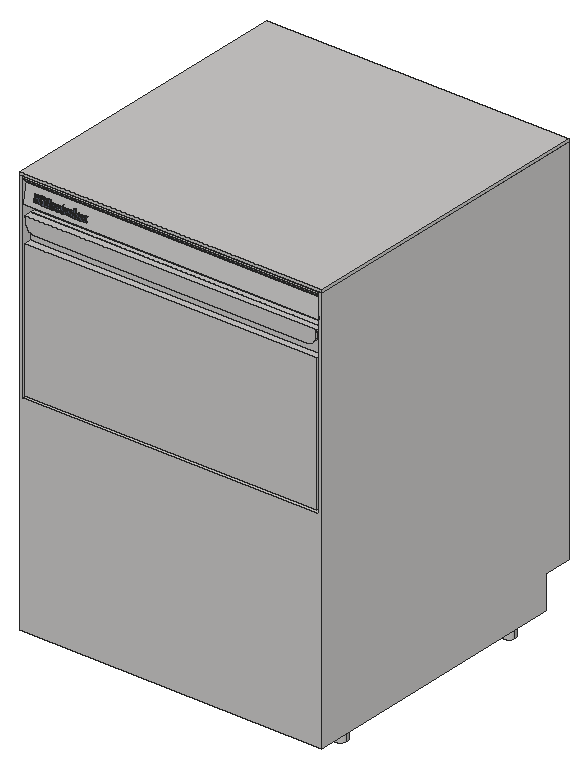
Revit family "QF_ELECTROLUXPROFESSIONAL_520004_EUC40G36", category Specialty Equipment, Revit 2018
Family settings
  Round Connector Dimension = Use Diameter
  Part Type = Normal
  Work Plane-Based = No
  Always vertical = Yes
  Cut with Voids When Loaded = No
  Shared = No
  Room Calculation Point = No
Parameters
  Weight = 0.00 kg
  Watts = 0 W
  Volts = 400 V
  URL Manufacturer = "http://professional.electrolux.com/"
  URL = "http://professional.electrolux.com/"
  Steam Supply Size = 0 mm
  Steam Supply Minimum Pressure = 0.0 Pa
  Steam Supply Maximum Pressure = 0.0 Pa
  Steam Pounds per Hour = 0
  Show Logo [instance] = yes
  Show Clearance [instance] = yes
  Refrigeration Suction Line Size = 0 mm
  Refrigeration Liquid Line Size = 0 mm
  Refrigerant Compressor Remote = yes
  Manufacturer = "Electrolux"
  Phase = 0
  Model = "EUC40G36"
  Length Actual = 600 mm  # constant formula
  Item Number = "520004"
  Hot Water Size = 0 mm
  Height Actual = 820 mm  # constant formula
  HP = "6.8 HP"
  Gas Size = 0 mm
  Gas KW = 0
  Gas Input Pressure = 0 W
  Direct Waste Size = 22 mm
  Description = "UC DW+DOUBLE S+DRAIN P+DET DISP,3C,40R/H,400V,60HZ"
  Depth Actual = 612 mm  # constant formula
  Cycle = 60 Hz
  Condensate Return Size = 0 mm
  Compressed Air Volume = 0.0 L/s
  Compressed Air Size = 0 mm
  Compressed Air Pressure = 0.0 Pa
  Cold Water Size = 0 mm
  Accessory = yes
Reference planes
  plane 1 "Center (Front/Back)": y = 0
  plane 2: z = 0
  plane 3 "Center (Left/Right)": x = 0
  plane 4 "LEFT": x = -299
  plane 5 "RIGHT": x = 299
  plane 6 "FRONT": y = -306
  plane 7 "BACK": y = 306
  plane 8: x = -281
  plane 9: x = 281
  plane 10: z = 830
  plane 11: z = 20
  plane 12: y = -281
Forms (mm)
  Extrusion 1, solid, material "QF_Finishes_Stainless Steel"
    sketch origin (0, 0, 0) x (1, 0, 0) y (0, 1, 0)
      loop
        line (-299, -306) -> (299, -306) -> (299, 249) -> (-299, 249) -> (-299, -306)
    from 20 to 830
  Extrusion 2, solid, material "QF_Finishes_Stainless Steel"
    sketch origin (0, 0, 0) x (1, 0, 0) y (0, 1, 0)
      loop
        line (-299, 249) -> (299, 249) -> (299, 306) -> (-299, 306) -> (-299, 249)
    from 86 to 830
  Extrusion 3, solid, material "QF_Finishes_Stainless Steel"
    sketch origin (0, 0, 0) x (1, 0, 0) y (0, 1, 0)
      loop
        circle (-281, 181) r 12.5
      loop
        circle (281, 181) r 12.5
      loop
        circle (-281, -236) r 12.5
      loop
        circle (281, -236) r 12.5
    from 0 to 20
  Extrusion 4, void
    sketch origin (-299, -306, 0) x (-1, 0, 0) y (0, 0, 1)
      loop
        line (-5, 830) -> (-593, 830) -> (-593, 434.506) -> (-5, 434.506) -> (-5, 830)
    from 0 to 30
  Extrusion 5, solid, material "QF_Finishes_Stainless Steel"
    sketch origin (-288, -392, 738) x (0, 0, -1) y (1, 0, 0)
      loop
        circle (688, 94) r 10
    from -641 to -698
  Extrusion 6, solid, material "QF_Door-Drawer Clearances", visible <- "Show Clearance", detail levels coarse
    sketch origin (-230, -282.5, 0) x (0, 1, 0) y (0, 0, -1)
      loop
        line (-23.5, -440) -> (-343.5, -440)
        arc (-343.5, -440) -> (-249.774, -666.274) -> (-23.5, -760) r 320
        line (-23.5, -760) -> (-23.5, -440)
    from 60 to -520
  Extrusion 7, solid, material "QF_Finishes_Stainless Steel"
    sketch origin (-242.481, -392, 738) x (0, 0, -1) y (1, 0, 0)
      loop
        circle (688, 236.481) r 8
    from -641 to -698
  Extrusion 8, solid, material "QF_Finishes_Stainless Steel"
    sketch origin (-230, -282.5, 0) x (0, 1, 0) y (0, 0, -1)
      loop
        line (-23.5, -440) -> (-23.5, -710) -> (-8.5, -710) -> (-8.5, -760) -> (1.5, -760) -> (1.5, -440) -> (-23.5, -440)
    from 60 to -520
  Extrusion 9, solid, material "QF_Finishes_Stainless Steel"
    sketch origin (-230, -282.5, -55) x (0, 1, 0) y (0, 0, -1)
      loop
        line (-8.5, -815) -> (-8.5, -812.514) -> (-21, -812.514) -> (-21, -786.25) -> (-23.5, -786.25) -> (-23.5, -815) -> (-8.5, -815)
    from 60 to -520
  Extrusion 10, void
    sketch origin (-230, -306, 760) x (0, 0, 1) y (1, 0, 0)
      loop
        line (-2.486, -60) -> (-2.486, -58.393) -> (-15.552, -58.393)
        arc (-15.552, -58.393) -> (-25.109, -51.319) -> (-28.75, -40) r 19.416
        line (-28.75, -40) -> (-28.75, -60) -> (-2.486, -60)
      loop
        line (-2.486, 520) -> (-28.75, 520) -> (-28.75, 500)
        arc (-28.75, 500) -> (-25.109, 511.319) -> (-15.552, 518.393) r 19.416
        line (-15.552, 518.393) -> (-2.486, 518.393) -> (-2.486, 520)
    from 0 to 2.5
  Extrusion 11, solid, material "QF_Finishes_Stainless Steel"
    sketch origin (0, 0, 0) x (1, 0, 0) y (0, 1, 0)
      loop
        line (-299, -306) -> (299, -306) -> (299, 306) -> (-299, 306) -> (-299, -306)
    from 835 to 830
  Extrusion 12, solid, material "QF_Finishes_Stainless Steel"
    sketch origin (-230, -282.5, 15) x (0, 1, 0) y (0, 0, -1)
      loop
        line (-15.517, -815) -> (6.5, -815) -> (6.5, -765.202) -> (-23.502, -765.202) -> (-16.651, -801.185)
        arc (-16.651, -801.185) -> (-16.709, -802.254) -> (-17.26, -803.171) r 2.216
        line (-17.26, -803.171) -> (-21.457, -807.367)
        arc (-21.457, -807.367) -> (-22.158, -809.293) -> (-21.133, -811.068) r 2.424
        line (-21.133, -811.068) -> (-15.517, -815)
    from -524 to 64
  Extrusion 13, solid, material "QF_Finishes_Stainless Steel"
    sketch origin (-372.481, -392, 738) x (0, 0, -1) y (1, 0, 0)
      loop
        circle (668, 282.481) r 8
    from -641 to -698
Cuts and joins
  Extrusion 4 cuts Extrusion 1
  joined: Extrusion 1, Extrusion 2
  Extrusion 10 cuts Extrusion 6
  Extrusion 10 cuts Extrusion 8
  Extrusion 10 cuts Extrusion 9
Lines and regions (mm)
  Split face 1
    outline origin (-230, -299.151, 816.185) x (0, -0.187035, -0.982353) y (1, 0, 0)
      loop
        line (12.473, -49) -> (24.129, -49)
        arc (24.129, -49) -> (31.2, -46.071) -> (34.129, -39) r 10
        line (34.129, -39) -> (34.129, 499)
        arc (34.129, 499) -> (31.2, 506.071) -> (24.129, 509) r 10
        line (24.129, 509) -> (12.473, 509)
        arc (12.473, 509) -> (5.402, 506.071) -> (2.473, 499) r 10
        line (2.473, 499) -> (2.473, -39)
        arc (2.473, -39) -> (5.402, -46.071) -> (12.473, -49) r 10
  Split face 2
    outline origin (-230, -299.151, 816.185) x (0, -0.187035, -0.982353) y (1, 0, 0)
      loop
        line (9.973, 81.452) -> (29.129, 81.452) -> (29.129, 104.231) -> (9.973, 104.231) -> (9.973, 81.452)
  Split face 3
    outline origin (-200, -299.151, 816.185) x (0, -0.187035, -0.982353) y (1, 0, 0)
      loop
        line (9.973, 81.452) -> (29.129, 81.452) -> (29.129, 104.231) -> (9.973, 104.231) -> (9.973, 81.452)
  Split face 4
    outline origin (-170, -299.151, 816.185) x (0, -0.187035, -0.982353) y (1, 0, 0)
      loop
        line (9.973, 81.452) -> (29.129, 81.452) -> (29.129, 104.231) -> (9.973, 104.231) -> (9.973, 81.452)
  Split face 5
    outline origin (-45, -299.151, 816.185) x (0, -0.187035, -0.982353) y (1, 0, 0)
      loop
        line (9.973, 79.452) -> (29.129, 79.452) -> (29.129, 102.231) -> (9.973, 102.231) -> (9.973, 79.452)
  Split face 6
    outline origin (-15, -299.151, 816.185) x (0, -0.187035, -0.982353) y (1, 0, 0)
      loop
        line (9.973, 79.452) -> (29.129, 79.452) -> (29.129, 102.231) -> (9.973, 102.231) -> (9.973, 79.452)
  Split face 7
    outline origin (15, -299.151, 816.185) x (0, -0.187035, -0.982353) y (1, 0, 0)
      loop
        line (9.973, 79.452) -> (29.129, 79.452) -> (29.129, 102.231) -> (9.973, 102.231) -> (9.973, 79.452)
  Split face 8
    outline origin (-100, -299.151, 816.185) x (0, -0.187035, -0.982353) y (1, 0, 0)
      loop
        line (9.973, 63.952) -> (29.129, 63.952) -> (29.129, 106.731) -> (9.973, 106.731) -> (9.973, 63.952)
  symbolic lines
    curve 1: line (-299, 306, 0) -> (299, 306, 0)
    curve 2: line (-299, -306, 0) -> (-299, 306, 0)
    curve 3: line (299, -306, 0) -> (-299, -306, 0)
    curve 4: line (299, 306, 0) -> (299, -306, 0)
  symbolic lines, style "QF_Door-Drawer Clearances"
    curve 5: line (-290, -626, 0) -> (290, -626, 0)
    curve 6: line (290, -626, 0) -> (290, -306, 0)
    curve 7: line (-290, -626, 0) -> (-290, -306, 0)
Dimensions and locks
  equal spacing: plane 4 "LEFT", plane 3 "Center (Left/Right)", plane 5 "RIGHT"
  equal spacing: plane 7 "BACK", plane 1 "Center (Front/Back)", plane 6 "FRONT"
  plane 7 "BACK" to plane 6 "FRONT" = 612 mm  (x2)
  plane 4 "LEFT" to plane 5 "RIGHT" = 598 mm
  plane 4 "LEFT" to plane 8 = 18 mm
  plane 9 to plane 5 "RIGHT" = 18 mm
  locked: plane 11 to level at 20
  plane 4 "LEFT" to plane 3 "Center (Left/Right)" = 299 mm
  plane 10 to level = 830 mm
  plane 8 to plane 9 = 562 mm
  locked: plane 12 to plane 6 "FRONT" at 25
  plane 11 to Extrusion 7 sketch curve = 30 mm
  plane 5 "RIGHT" to Extrusion 7 sketch curve = 305 mm  (x2)
  plane 5 "RIGHT" to Extrusion 5 sketch curve = 493 mm
  plane 11 to Extrusion 5 sketch curve = 30 mm
  cut or joined group of Extrusion 1, Extrusion 2, Extrusion 4 to Extrusion 13 sketch curve = 389 mm
  plane 11 to Extrusion 13 sketch curve = 50 mm
  plane 7 "BACK" to Extrusion 3 sketch curve = 125 mm  (x2)
  Extrusion 3 sketch curve to plane 6 "FRONT" = 70 mm  (x2)
  Extrusion 5 sketch curve to plane 4 "LEFT" = 105 mm
  aligned and locked: level to plane 2
  aligned and locked: Extrusion 1 sketch curve to plane 6 "FRONT"
  aligned and locked: Extrusion 1 sketch curve to plane 4 "LEFT"
  aligned and locked: plane 5 "RIGHT" to Extrusion 1 sketch curve
  aligned and locked: Extrusion 1 to plane 11
  aligned and locked: Extrusion 2 sketch curve to Extrusion 1  (x2)
  aligned and locked: plane 7 "BACK" to Extrusion 2 sketch curve
  aligned and locked: plane 5 "RIGHT" to Extrusion 2 sketch curve
  aligned and locked: plane 11 to Extrusion 3
  aligned and locked: Extrusion 2 to Extrusion 5
  aligned and locked: Extrusion 2 to Extrusion 7
  aligned and locked: plane 7 "BACK" to Extrusion 7
  aligned and locked: plane 7 "BACK" to Extrusion 5
  aligned and locked: Extrusion 10 to cut or joined group of Extrusion 9, Extrusion 10
  aligned and locked: Extrusion 2 to Extrusion 1
  aligned and locked: Extrusion 11 sketch curve to cut or joined group of Extrusion 1, Extrusion 2, Extrusion 4  (x4)
  aligned and locked: plane 10 to Extrusion 11
  aligned and locked: Extrusion 1 to Extrusion 4
  aligned and locked: curve 5 to cut or joined group of Extrusion 6, Extrusion 10
Automatic sketch dimensions
  curve 3 to plane 4 "LEFT" = 0 mm
  curve 7 to plane 6 "FRONT" = 0 mm
  curve 3 to plane 5 "RIGHT" = 0 mm
  curve 2 to plane 7 "BACK" = 0 mm
  plane 4 "LEFT" to curve 5 = 9 mm
  curve 6 to plane 5 "RIGHT" = 9 mm
  Extrusion 3 sketch curve to plane 8 = 0 mm  (x2)
  Extrusion 3 sketch curve to plane 9 = 0 mm  (x2)
  Extrusion 4 sketch curve to Extrusion 1 = 0 mm
  Extrusion 4 sketch curve to Extrusion 1 = 5 mm  (x2)
  Extrusion 4 sketch curve to Extrusion 1 = 414.506 mm
  Extrusion 6 sketch curve to plane 6 "FRONT" = 0 mm
  Extrusion 6 sketch curve to Extrusion 6 sketch curve = 320 mm
  Extrusion 6 sketch curve to plane 10 = 70 mm
  Extrusion 8 sketch curve to plane 6 "FRONT" = 0 mm
  Extrusion 8 sketch curve to plane 12 = 0 mm
  Extrusion 8 sketch curve to Extrusion 8 sketch curve = 10 mm
  Extrusion 8 sketch curve to plane 10 = 70 mm
  Extrusion 8 sketch curve to Extrusion 8 sketch curve = 50 mm
  Extrusion 8 sketch curve to Extrusion 8 sketch curve = 270 mm
  Extrusion 9 sketch curve to plane 6 "FRONT" = 0 mm
  Extrusion 9 sketch curve to Extrusion 9 sketch curve = 2.5 mm
  Extrusion 9 sketch curve to plane 12 = 10 mm
  Extrusion 9 sketch curve to plane 10 = 70 mm
  Extrusion 9 sketch curve to Extrusion 9 sketch curve = 2.486 mm
  Extrusion 9 sketch curve to Extrusion 9 sketch curve = 26.264 mm
  Extrusion 10 sketch curve to Extrusion 9 = 0 mm  (x4)
  Extrusion 10 sketch curve to Extrusion 9 = 1.607 mm  (x2)
  Extrusion 10 sketch curve to Extrusion 9 = 13.198 mm  (x2)
  Extrusion 10 sketch curve to Extrusion 9 = 9.334 mm  (x2)
  Extrusion 10 sketch curve to Extrusion 9 = 2.486 mm  (x2)
  Split face 1 sketch curve to Extrusion 12 = 2.473 mm
  Split face 1 sketch curve to Extrusion 12 = 12.473 mm  (x2)
  Split face 1 sketch curve to Split face 1 sketch curve = 11.656 mm  (x2)
  Split face 1 sketch curve to Extrusion 12 = 15 mm
  Split face 1 sketch curve to Extrusion 12 = 25 mm
  Split face 2 sketch curve to Extrusion 12 = 9.973 mm
  Split face 2 sketch curve to Extrusion 12 = 145.452 mm
  Split face 2 sketch curve to Split face 2 sketch curve = 22.778 mm
  Split face 3 sketch curve to Extrusion 12 = 9.973 mm
  Split face 3 sketch curve to Extrusion 12 = 175.452 mm
  Split face 3 sketch curve to Split face 3 sketch curve = 22.778 mm
  Split face 4 sketch curve to Extrusion 12 = 9.973 mm
  Split face 4 sketch curve to Extrusion 12 = 205.452 mm
  Split face 4 sketch curve to Split face 4 sketch curve = 22.778 mm
  Split face 5 sketch curve to Extrusion 12 = 9.973 mm
  Split face 5 sketch curve to Extrusion 12 = 259.548 mm
  Split face 5 sketch curve to Split face 5 sketch curve = 22.778 mm
  Split face 6 sketch curve to Extrusion 12 = 9.973 mm
  Split face 6 sketch curve to Extrusion 12 = 229.548 mm
  Split face 6 sketch curve to Split face 6 sketch curve = 22.778 mm
  Split face 7 sketch curve to Extrusion 12 = 9.973 mm
  Split face 7 sketch curve to Extrusion 12 = 199.548 mm
  Split face 7 sketch curve to Split face 7 sketch curve = 22.778 mm
  Split face 8 sketch curve to Extrusion 12 = 9.973 mm
  Split face 8 sketch curve to Extrusion 12 = 257.952 mm
  Split face 8 sketch curve to Split face 8 sketch curve = 42.778 mm
  Extrusion 1 sketch curve to plane 7 "BACK" = 57 mm
  Extrusion 3 sketch curve to plane 7 "BACK" = 125 mm
  Extrusion 12 sketch curve to plane 10 = 0 mm
  plane 6 "FRONT" to Extrusion 12 sketch curve = 2.043 mm
  plane 6 "FRONT" to Extrusion 12 sketch curve = 2.367 mm
  Extrusion 12 sketch curve to Extrusion 12 sketch curve = 1.567 mm  (x2)
  Extrusion 12 sketch curve to Extrusion 12 sketch curve = 0.609 mm
  Extrusion 12 sketch curve to Extrusion 12 sketch curve = 5.616 mm
  plane 12 to Extrusion 12 sketch curve = 5 mm
  Extrusion 12 sketch curve to plane 10 = 3.932 mm
  Extrusion 12 sketch curve to Extrusion 12 sketch curve = 35.982 mm
  Extrusion 12 sketch curve to plane 6 "FRONT" = 0.002 mm
  Extrusion 12 sketch curve to Extrusion 12 sketch curve = 1.714 mm
  Extrusion 12 sketch curve to Extrusion 12 sketch curve = 1.986 mm
  Extrusion 12 sketch curve to Extrusion 12 sketch curve = 4.196 mm
  plane 6 "FRONT" to Extrusion 12 sketch curve = 4.673 mm
  Split face 1 sketch curve to Extrusion 12 = 2.5 mm
  Split face 2 sketch curve to Extrusion 12 = 7.5 mm
  Split face 3 sketch curve to Extrusion 12 = 7.5 mm
  Split face 4 sketch curve to Extrusion 12 = 7.5 mm
  Split face 5 sketch curve to Extrusion 12 = 7.5 mm
  Split face 6 sketch curve to Extrusion 12 = 7.5 mm
  Split face 7 sketch curve to Extrusion 12 = 7.5 mm
  Split face 8 sketch curve to Extrusion 12 = 7.5 mm
  radius of Extrusion 3 sketch curve = 12.5 mm  (x4)
  radius of Extrusion 5 sketch curve = 10 mm
  radius of Extrusion 7 sketch curve = 8 mm
  radius of Extrusion 13 sketch curve = 8 mm
Nested families
  nested 1: "ELX_Logo_S" at (-220, -302.854, 796.736) x (1, 0, 0) z (0, -0.9824, 0.187), visible <- "Show Logo", type "ELX_Logo_S"
Connectors
  piping at (-194, 306, 50), diameter 20
    settings: on Extrusion 5, index 1, connector inside diameter 609.6 mm, connector length 0 mm, flow factor 0, pipe flow 0.0 L/s, pressure drop 0.0 Pa, fitting loss kfactor 0, connector angle 0.00°, fixture units 0, engagement length 0 mm, angle of deflection 0.00°, flow configuration 1, flow direction 2, fitting loss method 0, system type 16, joint type 0, gender type 0, connector reference index -1, connector utility 0, adjustable connector no, is connector primary yes, connector description "Drain"
  piping at (-6, 306, 50), driven by "Hot Water Size"
    settings: on Extrusion 7, index 3, connector diameter 0 mm, connector inside diameter 609.6 mm, connector length 0 mm, flow factor 0, pipe flow 0.0 L/s, pressure drop 0.0 Pa, fitting loss kfactor 0, connector angle 0.00°, fixture units 0, engagement length 0 mm, angle of deflection 0.00°, flow configuration 1, flow direction 1, fitting loss method 0, system type 19, joint type 0, gender type 0, connector reference index -1, connector utility 0, adjustable connector no, is connector primary no, connector description "Hot Water Inlet"
  electrical at (-90, 306, 70), driven by "Volts"
    settings: on Extrusion 13, index 4, voltage 400 V, apparent load 0 VA, apparent load phase1 0 VA, apparent load phase2 0 VA, apparent load phase3 0 VA, power factor 1, load classification "Altro", number of poles 1, system type 30, power factor state 1, is connector primary yes, connector utility no, sub classification motor no, connector description "Electrical Connection"
Definition of nested family "ELX_Logo_S"
  Parameters
    Default Elevation = 0 mm
  Reference planes
    plane 1 "Centro (Fronte/Retro)": y = 0
    plane 2: z = 0
    plane 3 "Centro (Sinistra/Destra)": x = 0
  Forms (mm)
    Extrusion 1, solid
      sketch origin (0, 0, 0) x (1, 0, 0) y (0, 1, 0)
        loop
          line (-1219.2, 1219.2) -> (-1219.2, -1219.2) -> (1219.2, -1219.2) -> (1219.2, 1219.2) -> (-1219.2, 1219.2)
      from 0 to -304.8
    Extrusion 2, solid
      sketch origin (0, 0, 0) x (1, 0, 0) y (0, 1, 0)
        loop
          line (-43.793, 5.912) -> (-43.793, -6.455)
          arc (-43.793, -6.455) -> (-39.222, -0.272) -> (-43.793, 5.912) r 6.467
        loop
          arc (-44.422, 5.912) -> (-49.565, 4.743) -> (-52.043, 0.087) r 6.338
          line (-52.043, 0.087) -> (-49.997, 0.087)
          arc (-49.997, 0.087) -> (-46.342, 1.57) -> (-44.422, 5.016) r 5.941
          line (-44.422, 5.016) -> (-44.422, 5.912)
        loop
          arc (-44.422, -5.559) -> (-46.342, -2.114) -> (-49.997, -0.63) r 5.941
          line (-49.997, -0.63) -> (-52.043, -0.63)
          arc (-52.043, -0.63) -> (-49.569, -5.324) -> (-44.422, -6.614) r 6.504
          line (-44.422, -6.614) -> (-44.422, -5.559)
        loop
          line (-52.512, 6.586) -> (-52.512, -7.158) -> (-38.749, -7.158) -> (-38.749, 6.586) -> (-52.512, 6.586)
        loop
          arc (-35.782, 6.67) -> (-36.139, 6.322) -> (-35.801, 5.955) r 0.358
          arc (-35.801, 5.955) -> (-35.051, 5.641) -> (-34.666, 4.924) r 1.216
          line (-34.666, 4.924) -> (-34.666, -5.488)
          arc (-34.666, -5.488) -> (-34.944, -6.148) -> (-35.54, -6.544) r 1.238
          arc (-35.54, -6.544) -> (-35.791, -6.939) -> (-35.437, -7.244) r 0.358
          line (-35.437, -7.244) -> (-25.558, -7.244) -> (-25.558, -4.494) -> (-26.455, -4.494)
          arc (-26.455, -4.494) -> (-27.035, -5.403) -> (-28.012, -5.858) r 1.928
          line (-28.012, -5.858) -> (-30.511, -5.858)
          arc (-30.511, -5.858) -> (-31.24, -5.583) -> (-31.604, -4.894) r 1.101
          line (-31.604, -4.894) -> (-31.604, -0.808) -> (-27.931, -0.808)
          arc (-27.931, -0.808) -> (-27.434, -1.16) -> (-27.206, -1.725) r 1.083
          arc (-27.206, -1.725) -> (-26.9, -1.989) -> (-26.622, -1.697) r 0.292
          line (-26.622, -1.697) -> (-26.622, 1.265)
          arc (-26.622, 1.265) -> (-26.895, 1.568) -> (-27.225, 1.329) r 0.305
          arc (-27.225, 1.329) -> (-27.473, 0.839) -> (-27.931, 0.534) r 1.083
          line (-27.931, 0.534) -> (-31.604, 0.534) -> (-31.604, 5.211) -> (-27.857, 5.211)
          arc (-27.857, 5.211) -> (-27.101, 4.997) -> (-26.603, 4.39) r 1.314
          arc (-26.603, 4.39) -> (-26.199, 4.171) -> (-25.907, 4.526) r 0.361
          line (-25.907, 4.526) -> (-25.907, 6.67) -> (-35.782, 6.67)
        loop
          arc (-25.126, 5.953) -> (-24.207, 5.572) -> (-23.827, 4.654) r 1.299
          line (-23.827, 4.654) -> (-23.827, -4.925)
          arc (-23.827, -4.925) -> (-24.205, -5.763) -> (-25.083, -6.035) r 1.118
          line (-25.083, -6.035) -> (-25.083, -7.244) -> (-19.733, -7.244) -> (-19.733, -6.056)
          arc (-19.733, -6.056) -> (-20.65, -5.784) -> (-21.046, -4.914) r 1.153
          line (-21.046, -4.914) -> (-21.046, 7.158) -> (-25.126, 5.953)
        loop
          line (-17.097, -2.28) -> (-10.65, -2.28) -> (-10.65, -1.481)
          arc (-10.65, -1.481) -> (-11.634, 1.1) -> (-14.088, 2.369) r 3.874
          line (-14.088, 2.369) -> (-15.848, 2.369)
          arc (-15.848, 2.369) -> (-18.713, 1.182) -> (-19.899, -1.682) r 4.051
          line (-19.899, -1.682) -> (-19.899, -3.691)
          arc (-19.899, -3.691) -> (-18.414, -6.509) -> (-15.407, -7.561) r 4.352
          arc (-15.407, -7.561) -> (-12.944, -7.196) -> (-10.87, -5.819) r 5.713
          line (-10.87, -5.819) -> (-10.87, -4.87)
          arc (-10.87, -4.87) -> (-12.439, -5.603) -> (-14.157, -5.819) r 5.579
          arc (-14.157, -5.819) -> (-16.12, -5.025) -> (-17.097, -3.146) r 3.057
          line (-17.097, -3.146) -> (-17.097, -2.28)
        loop
          line (-17.097, -1.02) -> (-13.515, -1.02)
          arc (-13.515, -1.02) -> (-13.468, 0.436) -> (-14.627, 1.319) r 1.59
          line (-14.627, 1.319) -> (-15.457, 1.319)
          arc (-15.457, 1.319) -> (-16.712, 0.455) -> (-17.097, -1.02) r 2.184
        loop
          arc (-1.232, 1.771) -> (-2.906, 2.259) -> (-4.643, 2.417) r 9.023
          line (-4.643, 2.417) -> (-6.005, 2.417)
          arc (-6.005, 2.417) -> (-8.805, 1.257) -> (-9.965, -1.542) r 3.959
          line (-9.965, -1.542) -> (-9.965, -4.142)
          arc (-9.965, -4.142) -> (-8.672, -6.424) -> (-6.299, -7.541) r 4.331
          line (-6.299, -7.541) -> (-4.164, -7.541)
          arc (-4.164, -7.541) -> (-2.614, -7.033) -> (-1.268, -6.112) r 5.772
          arc (-1.268, -6.112) -> (-1.217, -5.35) -> (-1.976, -5.263) r 0.553
          arc (-1.976, -5.263) -> (-2.71, -5.651) -> (-3.529, -5.785) r 2.573
          line (-3.529, -5.785) -> (-5.044, -5.785)
          arc (-5.044, -5.785) -> (-6.686, -4.779) -> (-7.328, -2.965) r 2.884
          line (-7.328, -2.965) -> (-7.328, -1.686)
          arc (-7.328, -1.686) -> (-6.768, 0.135) -> (-5.103, 1.062) r 2.554
          line (-5.103, 1.062) -> (-4.05, 1.062)
          arc (-4.05, 1.062) -> (-3.122, 0.73) -> (-2.387, 0.073) r 2.564
          arc (-2.387, 0.073) -> (-1.67, -0.148) -> (-1.232, 0.461) r 0.643
          line (-1.232, 0.461) -> (-1.232, 1.771)
        loop
          line (-0.962, 0.752) -> (0.539, 0.752) -> (0.539, -5.296)
          arc (0.539, -5.296) -> (1.197, -6.884) -> (2.785, -7.541) r 2.246
          line (2.785, -7.541) -> (4.369, -7.541)
          arc (4.369, -7.541) -> (5.233, -7.228) -> (6.005, -6.727) r 4.06
          arc (6.005, -6.727) -> (6.138, -5.995) -> (5.437, -5.743) r 0.576
          arc (5.437, -5.743) -> (4.911, -5.849) -> (4.379, -5.785) r 1.69
          arc (4.379, -5.785) -> (3.591, -5.244) -> (3.288, -4.337) r 1.506
          line (3.288, -4.337) -> (3.288, 0.801) -> (5.685, 0.801) -> (6.241, 1.357) -> (6.241, 2.179) -> (3.382, 2.179) -> (3.382, 5.41) -> (-0.962, 0.752)
        loop
          line (7.139, -7.324) -> (12.526, -7.324) -> (12.526, -6.214)
          arc (12.526, -6.214) -> (11.575, -5.82) -> (11.181, -4.869) r 1.345
          line (11.181, -4.869) -> (11.181, -1.253)
          arc (11.181, -1.253) -> (11.773, -0.488) -> (12.695, -0.199) r 1.615
          line (12.695, -0.199) -> (14.251, -0.199) -> (14.936, 2.357) -> (13.553, 2.357) -> (10.994, 0.414) -> (10.994, 2.295) -> (8.288, 2.01)
          arc (8.288, 2.01) -> (7.758, 1.571) -> (7.959, 0.912) r 0.621
          arc (7.959, 0.912) -> (8.301, 0.512) -> (8.484, 0.018) r 1.501
          line (8.484, 0.018) -> (8.484, -4.869)
          arc (8.484, -4.869) -> (8.09, -5.82) -> (7.139, -6.214) r 1.345
          line (7.139, -6.214) -> (7.139, -7.324)
        loop
          line (14.473, -1.222) -> (14.473, -3.914)
          arc (14.473, -3.914) -> (15.781, -6.36) -> (18.311, -7.494) r 4.288
          arc (18.311, -7.494) -> (19.692, -7.557) -> (21.072, -7.494) r 15.022
          arc (21.072, -7.494) -> (23.603, -6.36) -> (24.91, -3.914) r 4.288
          line (24.91, -3.914) -> (24.91, -1.222)
          arc (24.91, -1.222) -> (23.603, 1.223) -> (21.072, 2.357) r 4.288
          arc (21.072, 2.357) -> (19.692, 2.421) -> (18.311, 2.357) r 15.022
          arc (18.311, 2.357) -> (15.781, 1.223) -> (14.473, -1.222) r 4.288
        loop
          line (17.587, -1.017) -> (17.587, -4.119)
          arc (17.587, -4.119) -> (19.744, -6.276) -> (21.901, -4.119) r 2.157
          line (21.901, -4.119) -> (21.901, -1.017)
          arc (21.901, -1.017) -> (19.744, 1.14) -> (17.587, -1.017) r 2.157
        loop
          arc (24.768, 5.964) -> (25.662, 5.593) -> (26.033, 4.699) r 1.264
          line (26.033, 4.699) -> (26.033, -5.165)
          arc (26.033, -5.165) -> (25.636, -6.035) -> (24.72, -6.307) r 1.153
          line (24.72, -6.307) -> (24.72, -7.244) -> (29.828, -7.244) -> (29.828, -6.316)
          arc (29.828, -6.316) -> (29.056, -5.957) -> (28.741, -5.165) r 1.153
          line (28.741, -5.165) -> (28.741, 7.158) -> (24.768, 5.964)
        loop
          arc (29.365, 1.084) -> (30.43, 0.885) -> (30.912, -0.085) r 1.215
          line (30.912, -0.085) -> (30.912, -5.105)
          arc (30.912, -5.105) -> (31.559, -6.719) -> (33.142, -7.44) r 2.338
          line (33.142, -7.44) -> (34.657, -7.44)
          arc (34.657, -7.44) -> (35.661, -7.266) -> (36.547, -6.763) r 2.979
          line (36.547, -6.763) -> (38.344, -7.244) -> (40.032, -7.244) -> (40.032, 2.181) -> (35.829, 1.887) -> (35.829, 1.101)
          arc (35.829, 1.101) -> (36.665, 0.745) -> (37.174, -0.007) r 1.605
          line (37.174, -0.007) -> (37.174, -5.11)
          arc (37.174, -5.11) -> (36.237, -5.531) -> (35.213, -5.603) r 2.94
          arc (35.213, -5.603) -> (34.112, -5.042) -> (33.669, -3.889) r 1.724
          line (33.669, -3.889) -> (33.669, 2.307) -> (29.365, 1.084)
        loop
          line (40.886, 2.112) -> (42.932, 0.44) -> (45.238, -2.734) -> (42.126, -6.191)
          arc (42.126, -6.191) -> (41.732, -6.428) -> (41.273, -6.405) r 0.789
          line (41.273, -6.405) -> (41.273, -7.244) -> (44.818, -7.244) -> (44.818, -6.418)
          arc (44.818, -6.418) -> (44.456, -6.076) -> (44.548, -5.586) r 0.52
          line (44.548, -5.586) -> (46.019, -3.786) -> (47.394, -5.904)
          arc (47.394, -5.904) -> (47.084, -6.305) -> (46.585, -6.392) r 0.7
          line (46.585, -6.392) -> (46.585, -7.244) -> (52.512, -7.244) -> (52.512, -6.358)
          arc (52.512, -6.358) -> (51.853, -6.291) -> (51.322, -5.896) r 1.247
          line (51.322, -5.896) -> (48.041, -1.696) -> (50.094, 0.751) -> (51.836, 2.112) -> (48.112, 2.112) -> (48.535, 0.627) -> (47.258, -0.895) -> (46.068, 0.806) -> (46.844, 2.112) -> (40.886, 2.112)
      from 0 to 1.644
  Dimensions and locks
    aligned and locked: plane 2 to Extrusion 1
    aligned and locked: level to Extrusion 1
